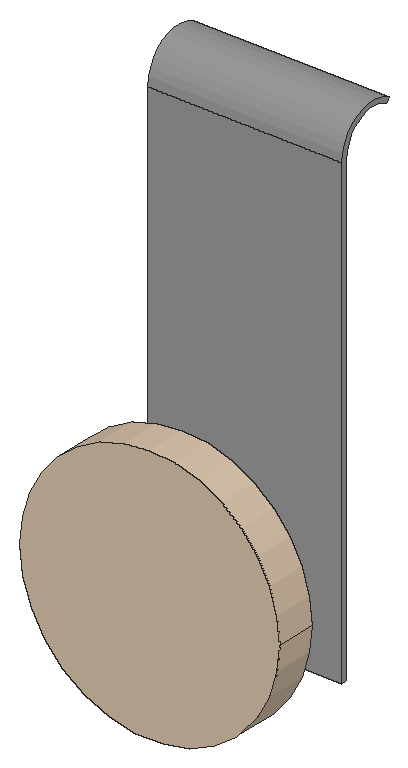
Revit family "Haworth_Openest_Accessories_CoatHook", category Furniture, Revit 2018
Family settings
  OmniClass Number = 23.40.20.00
  OmniClass Title = General Furniture and Specialties
  Work Plane-Based = No
  Always vertical = Yes
  Cut with Voids When Loaded = No
  Shared = No
  Room Calculation Point = No
Parameters (values of type "Coat Hook")
  Warranty = "http://www.haworth.com/resources/product-info/warranties"
  Version = "2"  # constant formula
  URL Product = "https://www.haworth.com/na/en/products/booths/openest-corner-booth.html"
  URL = "http://haworthcollection.com/"
  Sustainability Info = "https://www.haworth.com/na/en/expertise/sustainability.html"
  Size = "Verify Final Dim. w/ Haworth"  # constant formula
  Model = "HOCH-0000"  # constant formula
  Manufacturer = "Haworth"  # constant formula
  Description = "Haworth - Openest - Accessories - Coat Hook"  # constant formula
  Coat Hook Finish [instance] = Haworth _ Paint _ Stormy
  Author = "SHAPE Environments, LLC"  # constant formula
  Assembly Code = "E2020200"
Reference planes (in)
  plane 1 "Center Front/Back": y = 0
  plane 2: z = 0
  plane 3 "Center Left/Right": x = 0
Forms (in)
  Extrusion 1, solid, material "Haworth _ Paint _ Stormy" <- "Coat Hook Finish"
    sketch origin (0, 0, 0) x (0, 1, 0) y (0, 0, 1)
      loop
        line (-0.59055, -7.60248) -> (-0.51587, -7.60248) -> (-0.51587, -0.51587)
        arc (-0.51587, -0.51587) -> (-0.26132, -0.07109) -> (0.2511, -0.06524) r 0.51587
        line (0.2511, -0.06524) -> (0.28746, 0)
        arc (0.28746, 0) -> (-0.29916, -0.0067) -> (-0.59055, -0.51587) r 0.59055
        line (-0.59055, -0.51587) -> (-0.59055, -7.60248)
    from -1.47638 to 1.47638
  Extrusion 2, solid, material "Haworth _ Paint _ Stormy" <- "Coat Hook Finish"
    sketch origin (0, 0, 0) x (1, 0, 0) y (0, 0, 1)
      loop
        circle (0, -6.1261) r 0.67914
    from 0.59055 to 1.7815
  Extrusion 3, solid, material "Haworth _ Wood _ White Oak VB-W35"
    sketch origin (0, 0, 0) x (1, 0, 0) y (0, 0, 1)
      loop
        circle (0, -6.1261) r 1.9685
    from 1.7815 to 2.39665
Lines and regions (in)
  Masking region 1
    outline origin (0, 0, 0) x (1, 0, 0) y (0, 1, 0)
      loop
        line (1.47638, -0.59055) -> (1.47638, 0.2511) -> (-1.52362, 0.2511) -> (-1.52362, -0.59055) -> (-0.67914, -0.59055) -> (-0.67914, -1.7815) -> (-1.9685, -1.7815) -> (-1.9685, -2.39665) -> (1.9685, -2.39665) -> (1.9685, -1.7815) -> (0.67914, -1.7815) -> (0.67914, -0.59055) -> (1.47638, -0.59055)
Dimensions and locks (in)
  aligned and locked: level to plane 2
